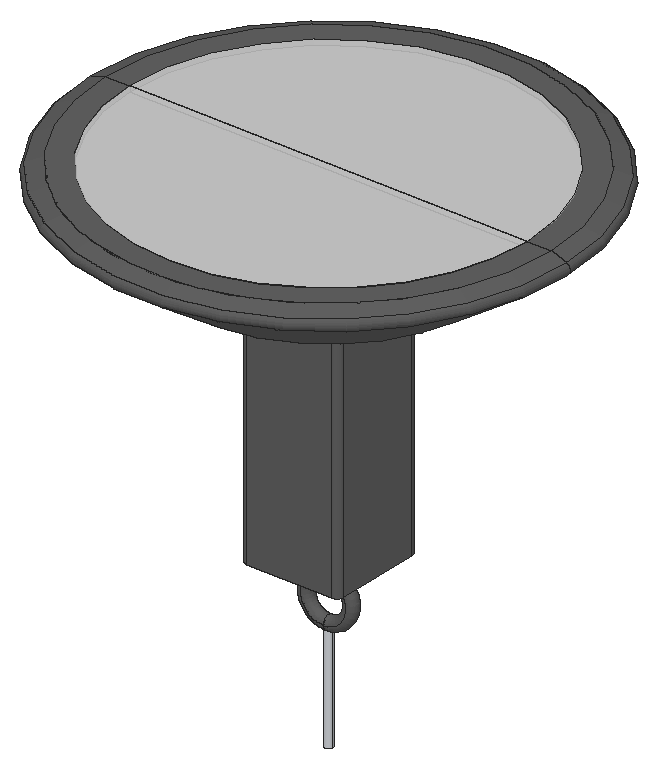
Revit family "0043903", category Lighting Fixtures, host Face, Revit 2016
Family settings
  Host = Face
  Part Type = Normal
  Round Connector Dimension = Use Diameter
  OmniClass Number = 23.80.70.00
  OmniClass Title = Lighting
  Cut with Voids When Loaded = No
  Light Source = Yes
  Shared = No
  Room Calculation Point = No
Parameters (values of type "0043903 ST Hghby HE IP66 1-10V 30000lm 840 WB")
  Weight = "kg"
  Wattage Comments = ""
  Wattage = 195 W
  WarrantyStartDate [instance] = "n/a"
  WarrantyGuarantorParts = "n/a"
  WarrantyDurationUnit = "n/a"
  WarrantyDurationParts = "n/a"
  WarrantyDescription = "n/a"
  built-in parameter 1150110 = 1 (stored number, unit not read)
  Voltage = 230 V
  URL = "http://www.sylvania-lighting.com"
  TypeName = "START  Highbay HE IP66 1-10V 30000lm 840 WB"
  Type Image = <None>
  Type Comments = "n/a"
  built-in parameter 1114217 = 1 (stored number, unit not read)
  Tilt Angle = -90.00°
  built-in parameter 1150109 = 1 (stored number, unit not read)
  built-in parameter 1150134 = 12
  SuspensionHeight_SYL [instance] = 100 mm
  built-in parameter 1150113 = 1 (stored number, unit not read)
  SerialNumber [instance] = "n/a"
  Photometric Web File = "0043903.ies"
  Material_3_SYL = none
  PowerFactor = 0.95
  PowerConsumption = "195 W"
  NominalLength = 365 mm
  NominalHeight = 360 mm
  NominalDepth = 365 mm
  Name = "START  Highbay HE IP66 1-10V 30000lm 840 WB"
  ModelReference = Name  # "START  Highbay HE IP66 1-10V 30000lm 840 WB"
  ModelNumber = "0043903"
  Model = Name  # "START  Highbay HE IP66 1-10V 30000lm 840 WB"
  Material = "adc12 housing"
  ManufacturerName = "Feilo Sylvania"
  Manufacturer = "Feilo Sylvania"
  LuminousEfficacy = "154 lm/W"
  built-in parameter 1150105 = 21410.8 (stored number, unit not read)
  Lumens = 30030 lm
  LuminaireType = ""
  built-in parameter 1150115 = 1 (stored number, unit not read)
  LightOutputRatio = "n/a"
  built-in parameter 1150137 = (empty or 0)
  built-in parameter 1150139 = (empty or 0)
  LampsType = Lamp  # "LED"
  LampNominalLuminous = "30000 lm"
  LampMacAdamStep = "n/a"
  LampColourTemperature = "4000 K"
  LampColourRenderingIndex = "80"
  built-in parameter 1150112 = 1 (stored number, unit not read)
  built-in parameter 1150114 = 1 (stored number, unit not read)
  Lamp = "LED"
  Keynote = "16500"
  InstallationDate [instance] = "n/a"
  InputVoltage = "n/a"
  InputNominalFrequency = "n/a"
  built-in parameter 1150132 = (empty or 0)
  built-in parameter 1150102 = (empty or 0)
  built-in parameter 1150107 = 4000 (stored number, unit not read)
  built-in parameter 1150138 = (empty or 0)
  IngressProtection = "n/a"
  ImpactProtectionIndex = "n/a"
  built-in parameter 1150106 = 214.11 (stored number, unit not read)
  IfcExportType = "IfcLightFixtureType"
  IfcExportAs = "IfcLightFixtureType"
  Emit from Circle Diameter = 298 mm
  Emit Shape Visible in Rendering = no
  ElectricShockClassification = "Class I"
  built-in parameter 1150104 = 14.307 (stored number, unit not read)
  DocumentationLiterature = "http://www.sylvania-lighting.com/product/en-int/products/0043903"
  DimmingControlOptions = "n/a"
  Material_2_SYL = Lens-Sylvania-START+Highbay
  Dimming Lamp Color Temperature Shift = <None>
  Description = ""
  Default Elevation = 1219.2 mm
  CreatedOn = "3/4/2019"
  CreatedBy = "@sylvania-lighting.com"
  Cost = 0
  Color Filter = 16777215
  built-in parameter 1114216 [instance] = (empty or 0)
  ClassificationValue = "EF_70_80"
  ClassificationName = "Uniclass2015"
  Material_1_SYL = Body-Sylvania-START+Highbay
  BarCode [instance] = "n/a"
  built-in parameter 1114218 = 1 (stored number, unit not read)
  built-in parameter 1150133 = 10 (stored number, unit not read)
  AssetType = "Fixed"
  AssetIdentifier [instance] = "n/a"
  Assembly Code = "D5020200"
  Apparent Load = 195 VA
  Material_4_SYL = none
Reference planes
  plane 1 "Center (Front/Back)": y = 0
  plane 2: z = 0
  plane 3 "Center (Left/Right)": x = 0
  plane 4: x = 182.5
  plane 5: x = -182.5
  plane 6: z = 100
  plane 7: z = 391
  plane 8: x = -167
  plane 9: z = 387
  plane 10: z = 378.6
  plane 11: z = 325.3
  plane 12: x = -178.7
  plane 13: x = 102
  plane 14: x = -102
  plane 15: x = 204
  plane 16: z = 126.8
  plane 17: x = -36.8
  plane 18: x = 36.8
  plane 19: y = 36.8
  plane 20: y = -36.8
  plane 21: x = -9
  plane 22: x = 9
  plane 23: z = 117.8
  plane 24: z = 112
  plane 25: z = 117
  plane 26: x = -149
  plane 27: x = -3
  plane 28: z = 84
Forms (mm)
  Revolve 1, solid, material "Body-Sylvania-START+Highbay" <- "Material_1_SYL"
    sketch origin (0, 0, 0) x (1, 0, 0) y (0, 0, 1)
      loop
        line (-149, 391) -> (-167, 391) -> (-178.7, 387)
        arc (-178.7, 387) -> (-180.896, 382.8) -> (-178.7, 378.6) r 5.115
        line (-178.7, 378.6) -> (-117.439, 336.029)
        arc (-117.439, 336.029) -> (-101.14, 328.045) -> (-83.199, 325.3) r 60
        line (-83.199, 325.3) -> (0, 325.3) -> (0, 387) -> (-149, 387) -> (-149, 391)
      axis (0, 391) -> (0, 325.3)
    angle from 360 to 0
  Extrusion 2, solid, material "Body-Sylvania-START+Highbay" <- "Material_1_SYL"
    sketch origin (1223.4, -4572, 325.3) x (0, -1, 0) y (-1, 0, 0)
      loop
        line (-4608.8, 1255.2) -> (-4608.8, 1191.6)
        arc (-4608.8, 1191.6) -> (-4607.336, 1188.064) -> (-4603.8, 1186.6) r 5
        line (-4603.8, 1186.6) -> (-4540.2, 1186.6)
        arc (-4540.2, 1186.6) -> (-4536.664, 1188.064) -> (-4535.2, 1191.6) r 5
        line (-4535.2, 1191.6) -> (-4535.2, 1255.2)
        arc (-4535.2, 1255.2) -> (-4536.664, 1258.736) -> (-4540.2, 1260.2) r 5
        line (-4540.2, 1260.2) -> (-4603.8, 1260.2)
        arc (-4603.8, 1260.2) -> (-4607.336, 1258.736) -> (-4608.8, 1255.2) r 5
    from 0 to 198.5
  Revolve 3, solid, material "Body-Sylvania-START+Highbay" <- "Material_1_SYL"
    sketch origin (0, 0, 0) x (1, 0, 0) y (0, 0, 1)
      loop
        line (0, 126.8) -> (-9, 126.8) -> (-9, 117.8) -> (0, 117.8) -> (0, 126.8)
      axis (0, 126.8) -> (0, 117.8)
    angle from 360 to 0
  Revolve 4, solid, material "Body-Sylvania-START+Highbay" <- "Material_1_SYL"
    sketch origin (0, 0, 0) x (0, 1, 0) y (0, 0, 1)
      loop
        circle (0, 117) r 5
      axis (5, 100) -> (-5, 100)
    angle from 360 to 0
  Revolve 5, solid, material "Lens-Sylvania-START+Highbay" <- "Material_2_SYL"
    sketch origin (0, 0, 0) x (1, 0, 0) y (0, 0, 1)
      loop
        line (-149, 391) -> (-149, 387) -> (0, 387) -> (0, 391) -> (-149, 391)
      axis (0, 391) -> (0, 387)
    angle from 360 to 0
  Revolve 6, solid
    sketch origin (0, 0, 0) x (1, 0, 0) y (0, 0, 1)
      loop
        line (0, 84) -> (-3, 84) -> (-3, 0) -> (0, 0) -> (0, 84)
      axis (0, 84) -> (0, 0)
    angle from 360 to 0
Cuts and joins
  joined: Revolve 3, Revolve 4
Lines and regions (mm)
  reference lines
    curve 1: circle (0, 0, 100) r 12 normal (0, -1, 0)
    curve 2: line (-167, 0, 391) -> (-178.7, 0, 387)
    curve 3: line (-102, 0, 325.3) -> (-178.7, 0, 378.6)
    curve 4: arc (-178.7, 0, 387) -> (-180.896, 0, 382.8) -> (-178.7, 0, 378.6) r 5.115
    curve 5: circle (0, 0, 117) r 5 normal (1, 0, 0)
Dimensions and locks
  "SuspensionHeight_SYL": plane 6 to host face
  locked: plane 7 to plane 6 at 291
  locked: plane 3 "Center (Left/Right)" to plane 8 at 167
  locked: plane 3 "Center (Left/Right)" to plane 5 at 182.5
  locked: plane 3 "Center (Left/Right)" to plane 12 at 178.7
  locked: plane 3 "Center (Left/Right)" to plane 14 at 102
  plane 7 to plane 9 to plane 10 to plane 11 to plane 16 = 4 mm locked, 8.4 mm locked, 53.3 mm locked, 198.5 mm locked
  equal spacing: plane 18, plane 3 "Center (Left/Right)", plane 17
  locked: plane 18 to plane 17 at 73.6
  equal spacing: plane 20, plane 1 "Center (Front/Back)", plane 19
  locked: plane 20 to plane 19 at 73.6
  equal spacing: plane 22, plane 3 "Center (Left/Right)", plane 21
  locked: plane 16 to plane 23 at 9
  locked: plane 6 to plane 24 at 12
  locked: plane 24 to plane 25 at 5
  locked: plane 3 "Center (Left/Right)" to plane 21 at 9
  locked: plane 3 "Center (Left/Right)" to plane 27 at 3
  locked: plane 6 to plane 28 at 16
  aligned and locked: plane 2 to host face
  aligned and locked: level to host face
  aligned and locked: Revolve 1 sketch curve to plane 3 "Center (Left/Right)"
  aligned and locked: Revolve 1 sketch curve to plane 7
  aligned and locked: plane 8 to Revolve 1 sketch curve
  aligned and locked: Revolve 1 sketch curve to curve 2
  aligned and locked: Revolve 1 sketch curve to curve 4
  aligned and locked: Revolve 1 sketch curve to curve 3
  aligned and locked: plane 11 to Revolve 1 sketch curve
  aligned and locked: plane 3 "Center (Left/Right)" to Revolve 1 sketch curve
  aligned and locked: Extrusion 2 sketch curve to plane 19
  aligned and locked: Extrusion 2 sketch curve to plane 17
  aligned and locked: plane 20 to Extrusion 2 sketch curve
  aligned and locked: plane 18 to Extrusion 2 sketch curve
  aligned and locked: Extrusion 2 to plane 11
  aligned and locked: plane 16 to Extrusion 2
  aligned and locked: Revolve 3 sketch curve to plane 3 "Center (Left/Right)"
  aligned and locked: Revolve 3 sketch curve to Extrusion 2
  aligned and locked: plane 3 "Center (Left/Right)" to Revolve 3 sketch curve
  aligned and locked: plane 23 to Revolve 3 sketch curve
  aligned and locked: Revolve 3 sketch curve to plane 21
  aligned and locked: plane 1 "Center (Front/Back)" to curve 5
  aligned and locked: plane 25 to curve 5
  aligned and locked: Revolve 4 sketch curve to curve 5
  aligned and locked: Revolve 4 sketch curve to plane 6
  aligned and locked: Revolve 1 sketch curve to plane 26
  aligned and locked: plane 9 to Revolve 1 sketch curve
  aligned and locked: Revolve 5 sketch curve to plane 3 "Center (Left/Right)"  (x2)
  aligned and locked: Revolve 1 to Revolve 5 sketch curve  (x2)
  aligned and locked: Revolve 5 sketch curve to Revolve 1
  aligned and locked: Revolve 6 sketch curve to plane 3 "Center (Left/Right)"
  aligned and locked: plane 3 "Center (Left/Right)" to Revolve 6 sketch curve
  aligned and locked: Revolve 6 sketch curve to level
  aligned and locked: Revolve 6 sketch curve to plane 27
  aligned and locked: imposter light to plane 1 "Center (Front/Back)"
  aligned and locked: imposter light to plane 7
  aligned and locked: plane 3 "Center (Left/Right)" to imposter light
Automatic sketch dimensions
  host sketch curve to host sketch curve = 2438.4 mm  (x2)
  curve 3 to plane 10 = 0 mm
  curve 3 to plane 12 = 0 mm
  curve 2 to plane 9 = 0 mm
  curve 2 to plane 12 = 0 mm
  curve 2 to plane 7 = 0 mm
  curve 2 to plane 8 = 0 mm
  curve 3 to plane 11 = 0 mm
  curve 3 to plane 14 = 0 mm
  curve 1 to plane 3 "Center (Left/Right)" = 0 mm
  curve 1 to plane 6 = 0 mm
  plane 12 to curve 4 = 2.919 mm
  plane 19 to Extrusion 2 sketch curve = 5 mm  (x2)
  plane 1 "Center (Front/Back)" to Extrusion 2 sketch curve = 31.8 mm
  Extrusion 2 sketch curve to plane 20 = 5 mm
  Revolve 3 sketch curve to level = 609.6 mm
  Revolve 3 sketch curve to plane 7 = 2308.058 mm
  plane 20 to Revolve 4 sketch curve = 2518.141 mm
  Revolve 4 sketch curve to plane 19 = 2060.609 mm
  Revolve 1 sketch curve to plane 10 = 0 mm
  Revolve 1 sketch curve to plane 11 = 10.729 mm
  plane 9 to Revolve 1 sketch curve = 1.7 mm
  Revolve 1 sketch curve to level = 609.6 mm
  Revolve 1 sketch curve to plane 7 = 2308.058 mm
  Revolve 5 sketch curve to level = 609.6 mm
  Revolve 5 sketch curve to Revolve 5 sketch curve = 2308.058 mm
  Revolve 6 sketch curve to plane 28 = 0 mm
  Revolve 6 sketch curve to level = 609.6 mm
  Revolve 6 sketch curve to plane 7 = 1818.058 mm
  radius of curve 1 = 12 mm
  radius of curve 5 = 5 mm
Connectors
  electrical at (0, 0, 325.3), driven by "Voltage", driven by "Apparent Load", driven by "PowerFactor"
    settings: on Extrusion 2, index 1, voltage 230 V, apparent load 0 VA, apparent load phase1 195 VA, apparent load phase2 0 VA, apparent load phase3 0 VA, power factor 0.95, load classification "Other", number of poles 1, system type 31, power factor state 1, is connector primary yes, connector utility no, sub classification motor no, connector description ""
